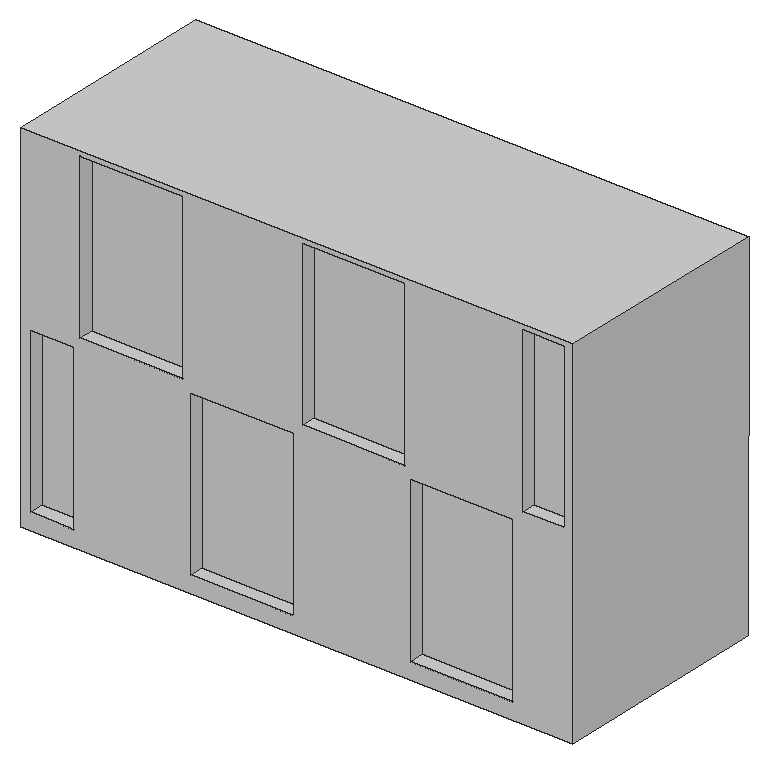
Revit family "SA 5H5W", category Mechanical Equipment, Revit 2019
Family settings
  Round Connector Dimension = Use Diameter
  Part Type = Normal
  OmniClass Number = 23.75.00.00
  OmniClass Title = Climate Control (HVAC)
  Work Plane-Based = No
  Always vertical = Yes
  Cut with Voids When Loaded = No
  Shared = No
  Room Calculation Point = No
Parameters (values of type "5H5W SA")
  Width = 5' - 4 1/2"
  Weight (lbs.) = "2908"
  URL = "www.renewaire.com"
  Model = "5H5W SA"
  Manufacturer = "Renewaire LLC"
  Length = 13' - 6 7/8"
  Housing = Metal - RenewAire - Anodized - Gray Text
  Height = 8' - 9 3/8"
  Description = "Energy Recovery Ventilator"
  Cores (L125-G5) = "25"
  Airflow Range (CFM) = "6,250-27,500"
Reference planes (in)
  plane 1 "Center (Front/Back)": y = 0
  plane 2: z = 0
  plane 3 "Center (Left/Right)": x = 0
Forms (in)
  Extrusion 1, solid, material "Metal - RenewAire - Anodized - Gray Text" <- "Housing"
    sketch origin (0, -16.07731, 0) x (0, 1, 0) y (0, 0, 1)
      loop
        line (32.26413, 125.25) -> (-32.26413, 125.25) -> (-32.26413, 19.875) -> (32.26413, 19.875) -> (32.26413, 125.25)
    from 0 to 162.875
  Extrusion 2, void
    sketch origin (0.62375, -14.11828, 19.48574) x (1, 0, 0) y (0, 0, 1)
      loop
        line (2.375, 53.375) -> (2.375, 5.25) -> (15.17072, 5.25) -> (15.17072, 53.375) -> (2.375, 53.375)
      loop
        line (49.50854, 53.375) -> (49.50854, 5.25) -> (79.83716, 5.25) -> (79.83716, 53.375) -> (49.50854, 53.375)
      loop
        line (47.32983, 104.5) -> (17.00122, 104.5) -> (17.00122, 56.375) -> (47.32983, 56.375) -> (47.32983, 104.5)
      loop
        line (82.52479, 104.5) -> (82.52479, 56.375) -> (112.77479, 56.375) -> (112.77479, 104.5) -> (82.52479, 104.5)
      loop
        line (114.375, 53.375) -> (114.375, 5.25) -> (144.625, 5.25) -> (144.625, 53.375) -> (114.375, 53.375)
      loop
        line (147.42055, 104.5) -> (147.42055, 56.375) -> (159.79555, 56.375) -> (159.79555, 104.5) -> (147.42055, 104.5)
    from 30 to 38.22316
  Extrusion 3, void
    sketch origin (1.03232, 49.88172, -1.14653) x (1, 0, 0) y (0, 0, 1)
      loop
        line (1.96643, 74.00727) -> (1.96643, 25.88013) -> (14.76215, 25.88013) -> (14.76215, 74.00727) -> (1.96643, 74.00727)
      loop
        line (49.09998, 74.00727) -> (49.09998, 25.88013) -> (79.42859, 25.88013) -> (79.42859, 74.00727) -> (49.09998, 74.00727)
      loop
        line (46.92126, 125.13227) -> (16.59265, 125.13227) -> (16.59265, 77.00727) -> (46.92126, 77.00727) -> (46.92126, 125.13227)
      loop
        line (82.11622, 125.13227) -> (82.11622, 77.00727) -> (112.36622, 77.00727) -> (112.36622, 125.13227) -> (82.11622, 125.13227)
      loop
        line (144.21643, 74.00727) -> (113.96643, 74.00727) -> (113.96643, 25.88227) -> (144.21643, 25.88227) -> (144.21643, 74.00727)
      loop
        line (159.38698, 125.13227) -> (147.01198, 125.13227) -> (147.01198, 77.00727) -> (159.38698, 77.00727) -> (159.38698, 125.13227)
    from 30 to 38.22316
Cuts and joins
  Extrusion 2, Extrusion 3 cuts Extrusion 1
Dimensions and locks (in)
  aligned and locked: level to plane 2
